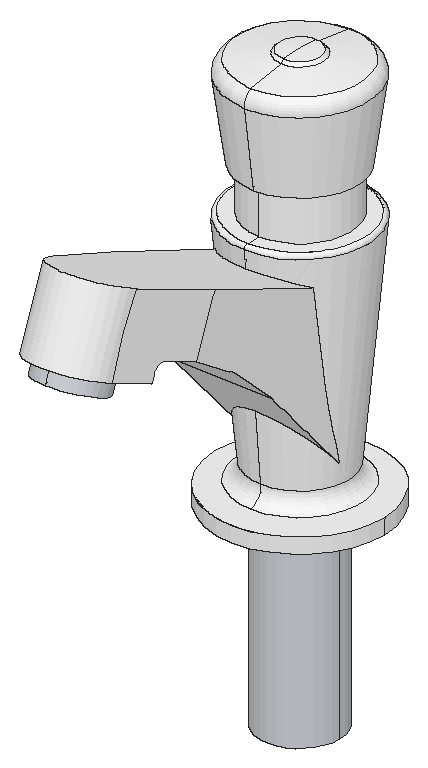
Revit family "Bateria_czasowa_umywalkowa_stojaca_9002", category Plumbing Fixtures, host Face, Revit 2019
Family settings
  Host = Face
  Round Connector Dimension = Use Diameter
  Part Type = Normal
  Cut with Voids When Loaded = No
  Shared = No
  Room Calculation Point = No
Parameters
  Width / Szerokosc = 42 mm  # constant formula
  Weight / Waga = "0.46 kg"
  URL = "https://faneco.com/bateria-czasowa-umywalkowa-stojaca-9002.html"
  Product code / Kod produktu = "FAN9002"
  Description = "Cechy:\r\n- Wysoka odporność na akty wandalizmu dzięki wykonaniu z najwyższej jakości materiałów\r\n- Prosta obsługa\r\n- Łatwy montaż"
  Material finish / Wykonczenie = "Mosiądz pokryty chromem"
  Material = Mosiadz chromowany
  Manufacturer code / Kod producenta = "5901764296881"
  Manufacturer = "faneco.com"
  Type Comments = "Bateria czasowa umywalkowa stojąca 9002"
  Height / Wysokosc = 104 mm  # constant formula
  Depth / Glebokosc = 103 mm  # constant formula
  Default Elevation = 1219.2 mm
Reference planes
  plane 1 "Center (Front/Back)": y = 0
  plane 2: z = 0
  plane 3 "Center (Left/Right)": x = 0
Dimensions and locks
  aligned and locked: plane 2 to host face
  aligned and locked: level to host face
  aligned and locked: plane 3 "Center (Left/Right)" to nested 1
Nested families
  nested 1: "Low_detail" at (0, -30.469, 0), G <- "Depth / Glebokosc", S <- "Width / Szerokosc", W <- "Height / Wysokosc", Material <- "Material", type "Low_detail", detail levels coarse
    with W 104 mm, S 42 mm, Material Mosiadz chromowany, G 103 mm
  nested 2: "FAN9002_medium" at (0, 0, 0), type "FAN9002_medium", detail levels medium+fine
Connectors
  piping at (0, 0, -50.5), diameter 12.7
    settings: on nested 2, index 1, connector inside diameter 609.6 mm, connector length 0 mm, flow factor 0, pipe flow 0.0 L/s, pressure drop 0.0 Pa, fitting loss kfactor 0, connector angle 0.00°, fixture units 0, engagement length 0 mm, angle of deflection 0.00°, flow configuration 0, flow direction 1, fitting loss method 0, system type 19, joint type 0, gender type 0, connector reference index -1, connector utility 0, adjustable connector no, is connector primary yes, connector description ""
Definition of nested family "Low_detail"
  Parameters
    W [instance] = 721.812 mm
    S [instance] = 880 mm
    Material [instance] = none
    G [instance] = 250 mm
    Default Elevation = 1219.2 mm
  Reference planes
    plane 1 "Center (Front/Back)": y = 0
    plane 2: z = 0
    plane 3 "Center (Left/Right)": x = 0
    plane 4: x = -440
    plane 5: x = 440
    plane 6: y = 360.906
    plane 7: y = -360.906
  Forms (mm)
    Extrusion 1, solid
      sketch origin (0, 0, 0) x (1, 0, 0) y (0, 1, 0)
        loop
          line (-1219.2, 1219.2) -> (-1219.2, -1219.2) -> (1219.2, -1219.2) -> (1219.2, 1219.2) -> (-1219.2, 1219.2)
      from 0 to -304.8
    Extrusion 2, solid, material <- "Material"
      sketch origin (0, 0, 0) x (1, 0, 0) y (0, 1, 0)
        loop
          line (-440, 360.906) -> (-440, -360.906) -> (440, -360.906) -> (440, 360.906) -> (-440, 360.906)
      from 0 to 250 <- "G"
  Dimensions and locks
    equal spacing: plane 4, plane 3 "Center (Left/Right)", plane 5
    "S": plane 4 to plane 5
    equal spacing: plane 6, plane 1 "Center (Front/Back)", plane 7
    "W": plane 6 to plane 7
    aligned and locked: plane 2 to Extrusion 1
    aligned and locked: level to Extrusion 1
    aligned and locked: Extrusion 2 sketch curve to plane 6
    aligned and locked: plane 4 to Extrusion 2 sketch curve
    aligned and locked: plane 7 to Extrusion 2 sketch curve
    aligned and locked: Extrusion 2 sketch curve to plane 5
  Automatic sketch dimensions
    Extrusion 1 sketch curve to Extrusion 1 sketch curve = 2438.4 mm  (x2)
Definition of nested family "FAN9002_medium"
  Parameters
    Material = none
    Default Elevation = 1219.2 mm
  Reference planes
    plane 1 "Center (Front/Back)": y = 0
    plane 2: z = 0
    plane 3 "Center (Left/Right)": x = 0
    plane 4: x = -13.897
    plane 5: x = 13.897
    plane 6 "p": through (0, -71.432, 83.288) normal (0, -0.3879, -0.9217)
  Forms (mm)
    Extrusion 1, solid
      sketch origin (0, 0, 0) x (1, 0, 0) y (0, 1, 0)
        loop
          line (-1219.2, 1219.2) -> (-1219.2, -1219.2) -> (1219.2, -1219.2) -> (1219.2, 1219.2) -> (-1219.2, 1219.2)
      from 0 to -304.8
    Extrusion 2, solid, material <- "Material"
      sketch origin (0, 0, 0) x (1, 0, 0) y (0, 1, 0)
        loop
          circle (0, 0) r 21.511
      from 0 to 3.87
    Revolve 3, solid, material <- "Material"
      sketch origin (0, 0, 0) x (0, 1, 0) y (0, 0, 1)
        loop
          line (0, 5.025) -> (15.493, 5.025)
          arc (15.493, 5.025) -> (13.139, 6.58) -> (12.383, 9.299) r 4.026
          line (12.383, 9.299) -> (17.61, 64.792)
          arc (17.61, 64.792) -> (17.354, 65.559) -> (16.615, 65.885) r 1
          line (16.615, 65.885) -> (13.004, 65.885) -> (13.004, 77.115) -> (14.688, 77.115) -> (17.472, 96.921)
          arc (17.472, 96.921) -> (17.087, 99.09) -> (15.498, 100.617) r 3.556
          line (15.498, 100.617) -> (5.818, 102.004)
          arc (5.818, 102.004) -> (5.448, 102.36) -> (5.096, 102.733) r 10.94
          line (5.096, 102.733) -> (0, 103) -> (0, 5.025)
        axis (0, 5.025) -> (0, 103)
      angle from 0 to 360
    Extrusion 4, solid, material <- "Material"
      sketch origin (0, 0, 0) x (0, 1, 0) y (0, 0, 1)
        loop
          line (-5.988, 55.744) -> (-64.95, 80.56) -> (-72.588, 62.413) -> (-61.518, 57.754) -> (-60.856, 59.436)
          arc (-60.856, 59.436) -> (-59.273, 61.042) -> (-57.018, 61.074) r 2.972
          line (-57.018, 61.074) -> (-53.105, 59.534)
          arc (-53.105, 59.534) -> (-37.973, 50.676) -> (-24.987, 38.896) r 84.82
          line (-24.987, 38.896) -> (-0.512, 11.578) -> (-5.988, 55.744)
      from -12.38 to 12.513
    Extrusion 5, solid, material <- "Material"
      sketch origin (0, 19.03, 45.214) x (0, -0.921693, 0.38792) y (-1, 0, 0)
        loop
          line (91.115, 10.436) -> (91.115, -10.436)
          arc (91.115, -10.436) -> (101.551, 0) -> (91.115, 10.436) r 10.436
      from 0 to 19.688
    Extrusion 6, void
      sketch origin (0, 19.03, 45.214) x (0, -0.921693, 0.38792) y (-1, 0, 0)
        loop
          line (60.63, 13.049) -> (91.554, 10.423)
          arc (91.554, 10.423) -> (98.934, 7.372) -> (102.002, 0) r 10.448
          arc (102.002, 0) -> (98.934, -7.372) -> (91.554, -10.423) r 10.448
          line (91.554, -10.423) -> (60.63, -13.049) -> (38.736, -14.908) -> (38.736, -24.908) -> (111.666, -24.908) -> (111.666, 0) -> (111.666, 24.908) -> (38.736, 24.908) -> (38.736, 14.908) -> (60.63, 13.049)
      from 0 to 250
    Extrusion 7, solid
      sketch origin (1.25, -78.863, 65.055) x (0, 0.921693, -0.38792) y (1, 0, 0)
        loop
          circle (8.256, -1.384) r 8.5
      from 0 to 3.805
    Extrusion 8, solid
      sketch origin (0, 0, 0) x (1, 0, 0) y (0, 1, 0)
        loop
          circle (0, 0) r 10.129
        loop
          circle (0, 0) r 9
      from 0 to -50.5
  Cuts and joins
    Extrusion 6 cuts Extrusion 4
    joined: Revolve 3, Extrusion 4, Extrusion 5
  Dimensions and locks
    equal spacing: plane 4, plane 3 "Center (Left/Right)", plane 5
    aligned and locked: plane 2 to Extrusion 1
    aligned and locked: level to Extrusion 1
  Automatic sketch dimensions
    Extrusion 1 sketch curve to Extrusion 1 sketch curve = 2438.4 mm  (x2)
    plane 1 "Center (Front/Back)" to Extrusion 2 sketch curve = 0 mm
    Extrusion 2 sketch curve to plane 3 "Center (Left/Right)" = 0 mm
    Revolve 3 sketch curve to plane 1 "Center (Front/Back)" = 0 mm  (x2)
    Revolve 3 sketch curve to plane 1 "Center (Front/Back)" = 5.096 mm
    Revolve 3 sketch curve to Revolve 3 sketch curve = 0.722 mm
    Revolve 3 sketch curve to plane 1 "Center (Front/Back)" = 12.383 mm
    Revolve 3 sketch curve to plane 1 "Center (Front/Back)" = 13.004 mm
    Revolve 3 sketch curve to Revolve 3 sketch curve = 7.404 mm
    Revolve 3 sketch curve to Revolve 3 sketch curve = 8.133 mm
    Revolve 3 sketch curve to Revolve 3 sketch curve = 1.685 mm
    Revolve 3 sketch curve to Revolve 3 sketch curve = 3.11 mm
    Revolve 3 sketch curve to Revolve 3 sketch curve = 1.547 mm
    Revolve 3 sketch curve to Revolve 3 sketch curve = 4.011 mm
    Revolve 3 sketch curve to Revolve 3 sketch curve = 3.612 mm
    Revolve 3 sketch curve to Revolve 3 sketch curve = 3.521 mm
    Revolve 3 sketch curve to Revolve 3 sketch curve = 0.995 mm
    level to Revolve 3 sketch curve = 5.025 mm
    Revolve 3 sketch curve to Revolve 3 sketch curve = 3.924 mm
    Revolve 3 sketch curve to Revolve 3 sketch curve = 55.493 mm
    Revolve 3 sketch curve to Revolve 3 sketch curve = 0.094 mm
    Revolve 3 sketch curve to Revolve 3 sketch curve = 11.23 mm
    Revolve 3 sketch curve to Revolve 3 sketch curve = 19.805 mm
    Revolve 3 sketch curve to Revolve 3 sketch curve = 0.495 mm
    Revolve 3 sketch curve to Revolve 3 sketch curve = 4.589 mm
    Revolve 3 sketch curve to Revolve 3 sketch curve = 0.729 mm
    Revolve 3 sketch curve to Revolve 3 sketch curve = 0.267 mm
    Revolve 3 sketch curve to Revolve 3 sketch curve = 9.115 mm
    Revolve 3 sketch curve to Revolve 3 sketch curve = 13.169 mm
    Extrusion 5 sketch curve to plane 3 "Center (Left/Right)" = 0 mm
    plane 5 to Extrusion 5 sketch curve = 3.462 mm
    plane 6 "p" to Extrusion 4 sketch curve = 0 mm  (x2)
    Extrusion 4 sketch curve to level = 17.702 mm
    plane 1 "Center (Front/Back)" to Extrusion 4 sketch curve = 61.518 mm
    Extrusion 4 sketch curve to Extrusion 4 sketch curve = 0.662 mm
    Extrusion 4 sketch curve to Extrusion 4 sketch curve = 2.75 mm
    Extrusion 4 sketch curve to Extrusion 4 sketch curve = 1.088 mm
    Extrusion 4 sketch curve to Extrusion 4 sketch curve = 3.914 mm
    plane 1 "Center (Front/Back)" to Extrusion 4 sketch curve = 24.987 mm
    plane 1 "Center (Front/Back)" to Extrusion 4 sketch curve = 5.988 mm
    plane 1 "Center (Front/Back)" to Extrusion 4 sketch curve = 0.512 mm
    level to Extrusion 4 sketch curve = 11.578 mm
    Extrusion 4 sketch curve to Extrusion 4 sketch curve = 16.847 mm
    Extrusion 4 sketch curve to Extrusion 4 sketch curve = 1.78 mm
    Extrusion 4 sketch curve to Extrusion 4 sketch curve = 0.554 mm
    Extrusion 4 sketch curve to Extrusion 4 sketch curve = 1.682 mm
    Extrusion 4 sketch curve to Extrusion 4 sketch curve = 7.637 mm
    Extrusion 4 sketch curve to Extrusion 4 sketch curve = 4.659 mm
    Extrusion 6 sketch curve to plane 3 "Center (Left/Right)" = 0 mm  (x2)
    plane 4 to Extrusion 6 sketch curve = 11.011 mm
    Extrusion 6 sketch curve to plane 5 = 11.011 mm
    Extrusion 6 sketch curve to Extrusion 6 sketch curve = 0 mm  (x2)
    Extrusion 6 sketch curve to plane 4 = 0.848 mm
    Extrusion 6 sketch curve to Extrusion 6 sketch curve = 21.894 mm  (x2)
    plane 5 to Extrusion 6 sketch curve = 0.848 mm
    Extrusion 6 sketch curve to plane 4 = 3.474 mm
    Extrusion 6 sketch curve to Extrusion 6 sketch curve = 30.924 mm
    plane 5 to Extrusion 6 sketch curve = 3.474 mm
    Extrusion 6 sketch curve to Extrusion 6 sketch curve = 20.111 mm
    Extrusion 6 sketch curve to plane 5 = 1.011 mm
    plane 4 to Extrusion 6 sketch curve = 1.011 mm
    plane 3 "Center (Left/Right)" to Extrusion 6 sketch curve = 0.025 mm
    Extrusion 7 sketch curve to Extrusion 4 = 1.447 mm
    Extrusion 4 to Extrusion 7 sketch curve = 12.647 mm
    Extrusion 8 sketch curve to Extrusion 8 sketch curve = 0 mm  (x2)
    plane 1 "Center (Front/Back)" to Extrusion 8 sketch curve = 0 mm
    Extrusion 8 sketch curve to plane 3 "Center (Left/Right)" = 0 mm
    radius of Extrusion 2 sketch curve = 21.511 mm
    radius of Extrusion 7 sketch curve = 8.5 mm
    radius of Extrusion 8 sketch curve = 10.129 mm
    radius of Extrusion 8 sketch curve = 9 mm
